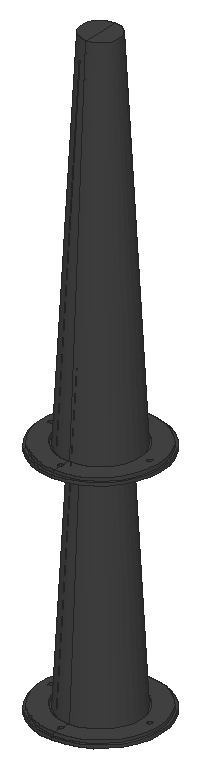
Revit family "Concrete Sleeve", category Acessórios do tubo, Revit 2026
Family settings
  Cota do conector redondo = Utilizar diâmetro
  Tipo de parte = Normal
  Com base no plano de trabalho = Não
  Sempre na vertical = Sim
  Corte com vazios quando carregada = Não
  Compartilhado = Não
Parameters (values of type "WPS-1")
  built-in parameter 1114242 [instance] = 1
  Stage [instance] = if(Size Diameter = 0' 0 1/2", "1/2IN", if(Size Diameter = 0' 0 3/4", "3/4IN", if(Size Diameter = 0' 1", "1IN", if(Size Diameter = 0' 1 1/2", "1 1/2IN", if(Size Diameter = 0' 2", "2IN", if(Size Diameter = 0' 2 1/2", "2 1/2IN", if(Size Diameter = 0' 3", "3IN", if(Size Diameter = 0' 3 1/2", "3 1/2IN", if(Size Diameter = 0' 4", "4IN", if(Size Diameter = 0' 5", "5IN", if(Size Diameter = 0' 6", "6IN", if(Size Diameter = 0' 8", "8IN", if(Size Diameter = 0' 10", "10IN", "")))))))))))))  # "1IN"
  Sleeve Offset [instance] = if(Size Diameter = 0' 0 1/2", 0' 5 1/8", if(Size Diameter = 0' 0 3/4", 0' 5 1/8", if(Size Diameter = 0' 1", 0' 5 1/8", if(Size Diameter = 0' 1 1/2", 0' 5 1/8", if(Size Diameter = 0' 2", 0' 5 1/8", if(Size Diameter = 0' 3", 0' 5 3/8", if(Size Diameter = 0' 4", 0' 5 3/8", if(Size Diameter = 0' 5", 0' 5 1/4", if(Size Diameter = 0' 6", 0' 5", if(Size Diameter = 0' 8", 0' 2", if(Size Diameter = 0' 10", 0' 5 3/8", if(Size Diameter = 1' 0", 0' 4", 0' 0"))))))))))))  # 0' - 5 1/8"
  Size Diameter = 0' - 1"
  Qtt [instance] = 1
  Pipe Sleeve = Pipe_Sleeve-Plastic-Watts-WPS_Series(AMBAR ACESSORIO) : WPS-1
  Nota-chave = "Ignore"  # constant formula
  K Coefficient = 0
  Item Description = "Ignore"  # constant formula
  Elevação padrão = 0' - 0"
Types (12): name | Stage | Sleeve Offset | Size Diameter | Pipe Sleeve
  WPS-1 1/2 | "1 1/2IN" | 0' - 5 1/8" | 0' - 1 1/2" | Pipe_Sleeve-Plastic-Watts-WPS_Series(AMBAR ACESSORIO) : WPS-1 1/2
  WPS-2 | "2IN" | 0' - 5 1/8" | 0' - 2" | Pipe_Sleeve-Plastic-Watts-WPS_Series(AMBAR ACESSORIO) : WPS-2
  WPS-3 | "3IN" | 0' - 5 3/8" | 0' - 3" | Pipe_Sleeve-Plastic-Watts-WPS_Series(AMBAR ACESSORIO) : WPS-3
  WPS-4 | "4IN" | 0' - 5 3/8" | 0' - 4" | Pipe_Sleeve-Plastic-Watts-WPS_Series(AMBAR ACESSORIO) : WPS-4
  WPS-5 | "5IN" | 0' - 5 1/4" | 0' - 5" | Pipe_Sleeve-Plastic-Watts-WPS_Series(AMBAR ACESSORIO) : WPS-5
  WPS-6 | "6IN" | 0' - 5" | 0' - 6" | Pipe_Sleeve-Plastic-Watts-WPS_Series(AMBAR ACESSORIO) : WPS-6
  WPS-8 | "8IN" | 0' - 2" | 0' - 8" | Pipe_Sleeve-Plastic-Watts-WPS_Series(AMBAR ACESSORIO) : WPS-8
  WPS-10 | "10IN" | 0' - 5 3/8" | 0' - 10" | Pipe_Sleeve-Plastic-Watts-WPS_Series(AMBAR ACESSORIO) : WPS-10
  WPS-12 | "" | 0' - 4" | 1' - 0" | Pipe_Sleeve-Plastic-Watts-WPS_Series(AMBAR ACESSORIO) : WPS-12
  WPS-1 | "1IN" | 0' - 5 1/8" | 0' - 1" | Pipe_Sleeve-Plastic-Watts-WPS_Series(AMBAR ACESSORIO) : WPS-1
  WPS-3/4 | "3/4IN" | 0' - 5 1/8" | 0' - 0 3/4" | Pipe_Sleeve-Plastic-Watts-WPS_Series(AMBAR ACESSORIO) : WPS-3/4
  WPS-1/2 | "1/2IN" | 0' - 5 1/8" | 0' - 0 1/2" | Pipe_Sleeve-Plastic-Watts-WPS_Series(AMBAR ACESSORIO) : WPS-1/2
Reference planes (in)
  plane 1 "Center (Front/Back)": y = 0
  plane 2: z = 0
  plane 3 "Center (Left/Right)": x = 0
Dimensions and locks (in)
  group 1 to group 2 = 0' - 0"  (x2)
  group 2 to group 1 = 0' - 5 1/8"
  "Sleeve Offset": plane 2 to nested 2
  aligned and locked: plane 2 to level
  aligned and locked: nested 1 to level
Nested families (in)
  nested 1: "Pipe_Sleeve-Plastic-Watts-WPS_Series(AMBAR ACESSORIO)" at (0, 0, 0), type <- "Pipe Sleeve", type "WPS-1"
    with Stage "1IN"
  nested 2: "Pipe_Sleeve-Plastic-Watts-WPS_Series(AMBAR ACESSORIO)" at (0, 0, -5.125), type <- "Pipe Sleeve", type "WPS-1"
    with Stage "1IN"
Definition of nested family "Pipe_Sleeve-Plastic-Watts-WPS_Series(AMBAR ACESSORIO)"
  Parameters (values of type "WPS-1")
    Stage [instance] = if(Size Diameter = 0' 0 1/2", "1/2IN", if(Size Diameter = 0' 0 3/4", "3/4IN", if(Size Diameter = 0' 1", "1IN", if(Size Diameter = 0' 1 1/2", "1 1/2IN", if(Size Diameter = 0' 2", "2IN", if(Size Diameter = 0' 2 1/2", "2 1/2IN", if(Size Diameter = 0' 3", "3IN", if(Size Diameter = 0' 3 1/2", "3 1/2IN", if(Size Diameter = 0' 4", "4IN", if(Size Diameter = 0' 5", "5IN", if(Size Diameter = 0' 6", "6IN", if(Size Diameter = 0' 8", "8IN", if(Size Diameter = 0' 10", "10IN", "")))))))))))))  # "1IN"
    Size Radius = 0' - 0 1/2"
    Size Diameter = Size Radius * 2  # 0' - 1"
    Pipe Sleeve = Pipe_Sleeve-Plastic-Watts-WPS_Series : WPS-1
    Material = none
    Item Description = if(Size Diameter = 0' 0 1/2", "CONCRETE SLEEVE 1/2 IN.", if(Size Diameter = 0' 0 3/4", "CONCRETE SLEEVE 3/4 IN.", if(Size Diameter = 0' 1", "CONCRETE SLEEVE 1 IN.", if(Size Diameter = 0' 1 1/2", "CONCRETE SLEEVE 1-1/2 IN.", if(Size Diameter = 0' 2", "CONCRETE SLEEVE 2 IN.", if(Size Diameter = 0' 3", "CONCRETE SLEEVE 3 IN.", if(Size Diameter = 0' 4", "CONCRETE SLEEVE 4 IN.", if(Size Diameter = 0' 5", "CONCRETE SLEEVE 5 IN.", if(Size Diameter = 0' 6", "CONCRETE SLEEVE 6 IN.", if(Size Diameter = 0' 8", "CONCRETE SLEEVE 8 IN.", if(Size Diameter = 0' 10", "CONCRETE SLEEVE 10 IN.", if(Size Diameter = 1' 0", "CONCRETE SLEEVE 12 IN.", "DIAMETRO NAO CADASTRADO"))))))))))))  # "CONCRETE SLEEVE 1 IN."
    Default Elevation = 0' - 0"
  Types (12): name | Stage | Size Radius | Size Diameter | Pipe Sleeve | Item Description
    WPS-1 1/2 | "1 1/2IN" | 0' - 0 3/4" | 0' - 1 1/2" | Pipe_Sleeve-Plastic-Watts-WPS_Series : WPS-1 1/2 | "CONCRETE SLEEVE 1-1/2 IN."
    WPS-2 | "2IN" | 0' - 1" | 0' - 2" | Pipe_Sleeve-Plastic-Watts-WPS_Series : WPS-2 | "CONCRETE SLEEVE 2 IN."
    WPS-3 | "3IN" | 0' - 1 1/2" | 0' - 3" | Pipe_Sleeve-Plastic-Watts-WPS_Series : WPS-3 | "CONCRETE SLEEVE 3 IN."
    WPS-4 | "4IN" | 0' - 2" | 0' - 4" | Pipe_Sleeve-Plastic-Watts-WPS_Series : WPS-4 | "CONCRETE SLEEVE 4 IN."
    WPS-5 | "5IN" | 0' - 2 1/2" | 0' - 5" | Pipe_Sleeve-Plastic-Watts-WPS_Series : WPS-5 | "CONCRETE SLEEVE 5 IN."
    WPS-6 | "6IN" | 0' - 3" | 0' - 6" | Pipe_Sleeve-Plastic-Watts-WPS_Series : WPS-6 | "CONCRETE SLEEVE 6 IN."
    WPS-8 | "8IN" | 0' - 4" | 0' - 8" | Pipe_Sleeve-Plastic-Watts-WPS_Series : WPS-8 | "CONCRETE SLEEVE 8 IN."
    WPS-10 | "10IN" | 0' - 5" | 0' - 10" | Pipe_Sleeve-Plastic-Watts-WPS_Series : WPS-10 | "CONCRETE SLEEVE 10 IN."
    WPS-12 | "" | 0' - 6" | 1' - 0" | Pipe_Sleeve-Plastic-Watts-WPS_Series : WPS-12 | "CONCRETE SLEEVE 12 IN."
    WPS-1 | "1IN" | 0' - 0 1/2" | 0' - 1" | Pipe_Sleeve-Plastic-Watts-WPS_Series : WPS-1 | "CONCRETE SLEEVE 1 IN."
    WPS-3/4 | "3/4IN" | 0' - 0 3/8" | 0' - 0 3/4" | Pipe_Sleeve-Plastic-Watts-WPS_Series : WPS-3/4 | "CONCRETE SLEEVE 3/4 IN."
    WPS-1/2 | "1/2IN" | 0' - 0 1/4" | 0' - 0 1/2" | Pipe_Sleeve-Plastic-Watts-WPS_Series : WPS-1/2 | "CONCRETE SLEEVE 1/2 IN."
  Reference planes (in)
    plane 1 "Center (Front/Back)": y = 0
    plane 2: z = -8.125
    plane 3 "Center (Left/Right)": x = 0
  Dimensions and locks (in)
    aligned and locked: plane 2 to level
  Nested families (in)
    nested 1: "Pipe_Sleeve-Plastic-Watts-WPS_Series" at (0, 0, -8.125) x (1, 0, 0) z (0, 0, -1), type <- "Pipe Sleeve", type "WPS-1"
  Definition of nested family "Pipe_Sleeve-Plastic-Watts-WPS_Series"
    Parameters (values of type "WPS-1 1/2")
      Warranty Documentation Link = "https://www.watts.ca/resources/warranty-information"
      URL = "https://www.watts.ca/"
      Type Comments = ""
      Taper Degree = 3.00°
      Size Radius = 0' - 0 3/4"
      Size Diameter = Size Radius * 2  # 0' - 1 1/2"
      Region = "North America"  # constant formula
      Product data url = "https://bimobject.com/watts/product/WPS-Plastic-Pipe-Sleeves"
      Product Page URL = "https://www.watts.ca/products/drainage-solutions/drainage-specialties/pipe-sleeves/wps-series"
      Product Documentation Link = "https://www.watts.ca/dfsmedia/0533dbba17714b1ab581ab07a4cbb521/53299-source/es-wd-wps-series-can"
      Price = "Prices may vary. Please consult Manufacturer Representative for most up-to-date price list."  # constant formula
      Model = "WPS-1 1/2"
      Material = "Polypropylene-Watts-Black"  # constant formula
      Manufacturer Product Line = "Drainage Solutions"  # constant formula
      Manufacturer = "Watts"
      Length = 0' - 8 1/8"
      Finish = none
      Description = "Plastic Pipe Sleeves"  # constant formula
      Default Elevation = 0' - 0"
      Creation Date = "05/31/2022"  # constant formula
      Country = "Canada"  # constant formula
      Carton Qty = "336"
      Buy American Compliant (-US) = no
      Assembly Code = "D2090800"
    Types (9): name | Taper Degree | Size Radius | Size Diameter | Model | Carton Qty
      WPS-1 1/2 | 3.00° | 0' - 0 3/4" | 0' - 1 1/2" | "WPS-1 1/2" | "336"
      WPS-2 | 3.00° | 0' - 1" | 0' - 2" | "WPS-2" | "280"
      WPS-3 | 3.00° | 0' - 1 1/2" | 0' - 3" | "WPS-3" | "168"
      WPS-4 | 3.00° | 0' - 2" | 0' - 4" | "WPS-4" | "96"
      WPS-5 | 3.00° | 0' - 2 1/2" | 0' - 5" | "WPS-5" | "72"
      WPS-6 | 3.00° | 0' - 3" | 0' - 6" | "WPS-6" | "40"
      WPS-8 | 3.00° | 0' - 4" | 0' - 8" | "WPS-8" | "N/A"
      WPS-10 | 3.00° | 0' - 5" | 0' - 10" | "WPS-10" | "N/A"
      WPS-12 | 1.00° | 0' - 6" | 1' - 0" | "WPS-12" | "N/A"
    Reference planes (in)
      plane 1 "Center (Front/Back)": y = 0
      plane 2: z = 0
      plane 3 "Center (Left/Right)": x = 0
      plane 4: y = 0.75
      plane 5: y = -0.75
      plane 6: z = -8.125
      plane 7: x = -0.75
      plane 8: x = 0.75
    Forms (in)
      Extrusion 1, solid, not visible
        sketch origin (0, 0, 0) x (1, 0, 0) y (0, 1, 0)
          loop
            line (-48, 48) -> (-48, -48) -> (48, -48) -> (48, 48) -> (-48, 48)
        from 0 to -12
      Revolve 2, solid, material <- "Finish"
        sketch origin (0, 0, 0) x (0, 1, 0) y (0, 0, 1)
          loop
            line (0.75, 0) -> (0.32806, -8.05108) -> (0, -8.05108) -> (0, -8.125) -> (0.39949, -8.125) -> (0.82192, -0.06461) -> (0.88488, -0.06461) -> (0.88488, -0.12757) -> (1.26529, -0.12757) -> (1.26529, -0.06461) -> (1.323, -0.06461) -> (1.323, 0) -> (0.75, 0)
          axis (0, 0) -> (0, -8.125)
        angle from 0 to 360
      Extrusion 3, void
        sketch origin (0, 0, 0) x (1, 0, 0) y (0, 1, 0)
          loop
            circle (0, 1.07556) r 0.0473
          loop
            circle (0, -1.07556) r 0.0473
          loop
            circle (-1.07556, 0) r 0.0473
          loop
            circle (1.07556, 0) r 0.0473
        from -0.12757 to 0
    Cuts and joins
      Extrusion 3 cuts Revolve 2
    Lines and regions (in)
      symbolic lines, detail levels fine
        curve 1: circle (-1.07556, 0, 0) r 0.0473 normal (0, 0, 1)
        curve 2: circle (0, 1.07556, 0) r 0.0473 normal (0, 0, 1)
        curve 3: circle (1.07556, 0, 0) r 0.0473 normal (0, 0, 1)
        curve 4: circle (0, -1.07556, 0) r 0.0473 normal (0, 0, 1)
    Dimensions and locks (in)
      "Length": level to plane 6
      equal spacing: plane 4, plane 1 "Center (Front/Back)", plane 5
      "Size Diameter": plane 4 to plane 5
      "Size Radius": Revolve 2 sketch curve to plane 1 "Center (Front/Back)"
      Revolve 2 sketch curve to Revolve 2 sketch curve to Revolve 2 sketch curve to plane 4 = 0' - 0.05772" locked, 0' - 0.38041" locked, 0' - 0.13488" locked
      locked: Revolve 2 sketch curve to Revolve 2 sketch curve at 0.0752
      equal spacing: plane 7, plane 3 "Center (Left/Right)", plane 8
      "Size Diameter": plane 7 to plane 8
      locked: plane 4 to Extrusion 3 sketch curve at 0.32556
      locked: plane 5 to Extrusion 3 sketch curve at 0.32556
      locked: Extrusion 3 sketch curve to plane 7 at 0.32556
      locked: plane 8 to Extrusion 3 sketch curve at 0.32556
      locked: Revolve 2 sketch curve to plane 6 at 0.07392
      locked: Extrusion 1 to Revolve 2 sketch curve at 0.12757
      Extrusion 1 to Revolve 2 sketch curve to Revolve 2 sketch curve = 0' - 0.06461" locked, 0' - 0" locked
      "Taper Degree": angle plane 4 to Revolve 2 sketch curve
      aligned and locked: plane 2 to Extrusion 1
      aligned and locked: level to Extrusion 1
      aligned and locked: Revolve 2 sketch curve to plane 1 "Center (Front/Back)"
      aligned and locked: plane 1 "Center (Front/Back)" to Revolve 2 sketch curve
      aligned and locked: Extrusion 1 to Revolve 2 sketch curve
      aligned and locked: plane 3 "Center (Left/Right)" to Extrusion 3 sketch curve  (x2)
      aligned and locked: plane 1 "Center (Front/Back)" to Extrusion 3 sketch curve  (x2)
      aligned and locked: Extrusion 3 to Revolve 2
      aligned and locked: level to Extrusion 3
      aligned and locked: curve 1 to cut or joined group of Revolve 2, Extrusion 3
      aligned and locked: curve 2 to cut or joined group of Revolve 2, Extrusion 3
      aligned and locked: curve 3 to cut or joined group of Revolve 2, Extrusion 3
      aligned and locked: curve 4 to cut or joined group of Revolve 2, Extrusion 3
      aligned and locked: Revolve 2 sketch curve to plane 6
    Automatic sketch dimensions
      Extrusion 1 sketch curve to Extrusion 1 sketch curve = 8' - 0"  (x2)
      Revolve 2 sketch curve to plane 6 = 0' - 0 3/4"
      Revolve 2 sketch curve to Revolve 2 sketch curve = 0' - 1"
      radius of Extrusion 3 sketch curve = 0' - 0.0473"  (x4)
